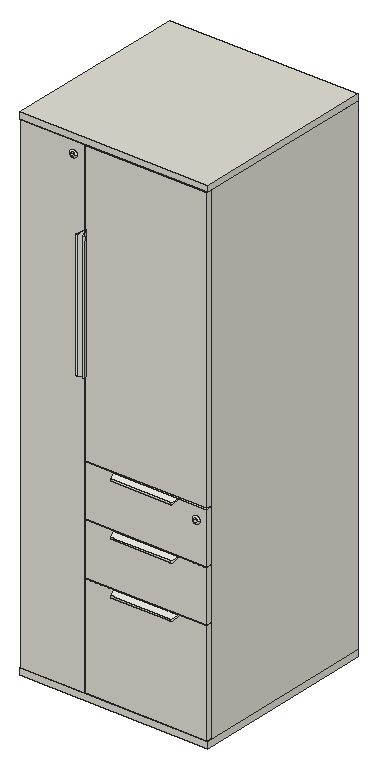
Revit family "Haworth_BeHold_PersonalStorageTower_HingedBookcase_24Wide", category Furniture Systems, Revit 2018
Family settings
  Round Connector Dimension = Use Diameter
  Part Type = Normal
  OmniClass Number = 23.40.70.14.64.21
  OmniClass Title = Systems Furniture
  Work Plane-Based = No
  Always vertical = Yes
  Cut with Voids When Loaded = No
  Shared = No
  Room Calculation Point = No
Parameters (values of type "B/B/F - 24d 65h - Inset Back")
  With Lock = yes
  Wing Drawer Pull Length = if(Drawer Width < 15 1/2", 6 1/2", if(Drawer Width < 24", 8 5/16", if(Drawer Width < 36", 13 1/8", 16 3/4")))  # 8 5/16"
  Wing Pull = yes
  Wing Door Pull Length = if(Actual Height < 49", 6 1/2", if(Actual Height < 57", 8 5/16", if(Actual Height < 65", 13 1/8", 16 3/4")))  # 16 3/4"
  Warranty = "http://www.haworth.com/resources/product-info/warranties"
  Valet Door Wing Pull Length = if(Actual Height < 49", 6 1/2", if(Actual Height < 57", 8 5/16", if(Actual Height < 65", 13 1/8", 16 3/4")))  # 16 3/4"
  Valet Door Width = Actual Width - Bookcase Width - 1/8"  # 8 15/64"
  Valet Door Pull Offset = if(Actual Height < 49", Storage Height - Bottom Drawer Offset + ((Actual Height - Storage Height - Top Thickness - 1/8") / 2) - (0.05 * (Actual Height - Storage Height - Top Thickness - 1/8")), Storage Height - Bottom Drawer Offset + ((Actual Height - Storage Height - Top Thickness - 1/8") / 2))  # 44 11/16"
  Valet Door Height = Actual Height - Bottom Drawer Offset - Case Thickness - 1/8"  # 62 3/4"
  URL - Product = "https://www.haworth.com/na/en/products/active-storage/be-hold.html"
  URL = "www.haworth.com"
  Trim Finish [instance] = Haworth _ Paint _ Smooth Plaster
  Total Drawer Height = Storage Height - Bottom Case Offset - Case Thickness - 1/4"  # 26 1/2"
  Top Thickness = 3/4"  # constant formula
  Top Drawer Height = if(Box Box File, Middle Drawer Height, Bottom Drawer Height)  # 6 9/16"
  Top Case Back Control = if(Proud Style, 0", 3/16")  # 3/16"
  Sustainability Info = "https://www.haworth.com/company-info/sustainability"
  Storage Height = 28"  # constant formula
  Standard Heights = "41, 49, 57, 65 in."  # constant formula
  Size = "Verify Final Dim. w/ Haworth"  # constant formula
  Side Case Back Control = if(Proud Style, Case Thickness, 0")  # 0"
  Shelf 2 Offset = if(Actual Height = 65", 49", if(Actual Height = 57", 41", 32 5/16"))  # 49"
  Shelf 2 Control = Actual Height > 41"  # yes
  Shelf 1 Offset = Storage Height - Bottom Case Offset - Case Thickness  # 26 3/4"
  Right Panel Finish [instance] = Haworth _ Laminate _ Beige H-34
  Right Panel Edge Finish [instance] = Haworth _ Laminate _ Beige H-34
  Revision Number = "1"  # constant formula
  Left Panel Edge Finish [instance] = Haworth _ Laminate _ Beige H-34
  Bookcase Door Pull Offset = if(Bookcase Door Height < 20", (Bookcase Door Height / 2) - (0.05 * Bookcase Door Height), Bookcase Door Height / 2)  # 18 1/16"
  Pull Finish [instance] = Haworth _ Paint _ Smooth Plaster
  Proud Style = not(Inset Style)  # no
  Model = "Haworth Be_Hold"  # constant formula
  Min. Width = 15"  # constant formula
  Min. Height = 41"  # constant formula
  Min. Depth = 18"  # constant formula
  Middle Drawer Height = (Total Drawer Height - Distance Between Drawer) / 4  # 6 9/16"
  Left Panel Finish [instance] = Haworth _ Laminate _ Beige H-34
  Height = 65"
  File File = no
  Bookcase Door Height = Actual Height - Storage Height - Case Thickness - 1/8"  # 36 1/8"
  Door Finish [instance] = Haworth _ Laminate _ Beige H-34
  Bottom Drawer Offset = Bottom Case Offset + Case Thickness + 1/8"  # 1 3/8"
  Bottom Drawer Height = (Total Drawer Height - Distance Between Drawer) / 2  # 13 1/8"
  Bookcase Width = 15 41/64"  # constant formula
  Back Case Back Control = if(Proud Style, 0", 3/16")  # 3/16"
  Actual Height = if(Height > Max. Height, Max. Height, if(Height < Min. Height, Min. Height, Height))  # 65"
  3 Drawer Control = Box Box File  # yes
  Max. Width = 15"  # constant formula
  Max. Depth = 24"  # constant formula
  Max. Height = 65"  # constant formula
  Manufacturer = "Haworth"  # constant formula
  Linear Pull Length = 7 1/2"  # constant formula
  Linear Pull = no
  Inset Style = yes
  Glide Finish = Haworth _ Polymer _ Slate
  Front Finish [instance] = Haworth _ Laminate _ Beige H-34
  Front Edge Finish [instance] = Haworth _ Laminate _ Beige H-34
  Drawer Width = Bookcase Width - 1/8"  # 15 33/64"
  Distance Between Drawer = if(Box Box File, 1/4", 1/8")  # 1/4"
  Description = "Haworth - Be_Hold - Personal Storage Tower - Hinged Door"  # constant formula
  Depth = 24"
  Custom Size = not(and(or(Depth = 18", Depth = 24"), or(Height = 41", Height = 49", Height = 57", Height = 65")))  # no
  Cresent Pull = no
  Classic Pull Length = 7 1/2"  # constant formula
  Classic Pull = no
  Case Thickness = 3/4"  # constant formula
  Case Finish [instance] = Haworth _ Laminate _ Beige H-34
  Case Edge Finish [instance] = Haworth _ Laminate _ Beige H-34
  Box Box File = not(File File)  # yes
  Bottom Case Offset = 1/2"  # constant formula
  Blade Pull Length = Drawer Width - 1/16"  # 15 29/64"
  Blade Pull = not(or(Cresent Pull, Linear Pull, Classic Pull, Wing Pull))  # no
  Back Case Side Control = if(Proud Style, 0", Case Thickness)  # 3/4"
  Author = "Haworth (Alias)"  # constant formula
  Assembly Code = "E2020200"
  Actual Width = 24"  # constant formula
  Actual Depth = if(Depth > Max. Depth, Max. Depth, if(Depth < Min. Depth, Min. Depth, Depth))  # 24"
  Standard Depths = "18, 24 in."  # constant formula
Types (8): name | Wing Door Pull Length | Valet Door Wing Pull Length | Valet Door Pull Offset | Valet Door Height | Top Drawer Height | Top Case Back Control | Side Case Back Control | Shelf 2 Offset | Shelf 2 Control | Bookcase Door Pull Offset | Proud Style | Middle Drawer Height | Height | File File | Bookcase Door Height | Bottom Drawer Height | Back Case Back Control | Actual Height | 3 Drawer Control | Inset Style | Distance Between Drawer | Depth | Box Box File | Back Case Side Control | Actual Depth
  B/B/F - 24d 65h - Inset Back | 16 3/4" | 16 3/4" | 44 11/16" | 62 3/4" | 6 9/16" | 3/16" | 0" | 49" | yes | 18 1/16" | no | 6 9/16" | 65" | no | 36 1/8" | 13 1/8" | 3/16" | 65" | yes | yes | 1/4" | 24" | yes | 3/4" | 24"
  B/B/F - 24d 57h - Inset Back | 13 1/8" | 13 1/8" | 40 11/16" | 54 3/4" | 6 9/16" | 3/16" | 0" | 41" | yes | 14 1/16" | no | 6 9/16" | 57" | no | 28 1/8" | 13 1/8" | 3/16" | 57" | yes | yes | 1/4" | 24" | yes | 3/4" | 24"
  B/B/F - 18d 49h - Inset Back | 8 5/16" | 8 5/16" | 36 11/16" | 46 3/4" | 6 9/16" | 3/16" | 0" | 32 5/16" | yes | 10 1/16" | no | 6 9/16" | 49" | no | 20 1/8" | 13 1/8" | 3/16" | 49" | yes | yes | 1/4" | 18" | yes | 3/4" | 18"
  B/B/F - 18d 41h - Inset Back | 8 5/16" | 8 5/16" | 36 11/16" | 46 3/4" | 6 9/16" | 3/16" | 0" | 32 5/16" | yes | 10 1/16" | no | 6 9/16" | 49" | no | 20 1/8" | 13 1/8" | 3/16" | 49" | yes | yes | 1/4" | 18" | yes | 3/4" | 18"
  F/F - 18d 49h - Proud Back | 8 5/16" | 8 5/16" | 36 11/16" | 46 3/4" | 13 3/16" | 0" | 3/4" | 32 5/16" | yes | 10 1/16" | yes | 6 19/32" | 49" | yes | 20 1/8" | 13 3/16" | 0" | 49" | no | no | 1/8" | 18" | no | 0" | 18"
  F/F - 18d 41h - Proud Back | 6 1/2" | 6 1/2" | 32.08125" | 38 3/4" | 13 3/16" | 0" | 3/4" | 32 5/16" | no | 5.45625" | yes | 6 19/32" | 41" | yes | 12 1/8" | 13 3/16" | 0" | 41" | no | no | 1/8" | 18" | no | 0" | 18"
  F/F - 24d 57h - Proud Back | 13 1/8" | 13 1/8" | 40 11/16" | 54 3/4" | 13 3/16" | 0" | 3/4" | 41" | yes | 14 1/16" | yes | 6 19/32" | 57" | yes | 28 1/8" | 13 3/16" | 0" | 57" | no | no | 1/8" | 24" | no | 0" | 24"
  F/F - 24d 65h - Proud Back | 16 3/4" | 16 3/4" | 44 11/16" | 62 3/4" | 13 3/16" | 0" | 3/4" | 49" | yes | 18 1/16" | yes | 6 19/32" | 65" | yes | 36 1/8" | 13 3/16" | 0" | 65" | no | no | 1/8" | 24" | no | 0" | 24"
Reference planes (in)
  plane 1: z = 0
  plane 2 "Bookcase Center L/R": x = -6.17556
  plane 3 "Center F/B": y = -14.5
  plane 4 "Top": z = 65
  plane 5 "Back": y = -2.5
  plane 6 "Front": y = -26.5
  plane 7 "Bookcase Left": x = -13.99587
  plane 8 "BookCase Inside Left": x = -13.24587
  plane 9 "Case Inside Right": x = 0.89476
  plane 10 "Case Inside Back": y = -3.25
  plane 11 "Case Bottom": z = 0.5
  plane 12 "Case Inside Front": y = -25.75
  plane 13 "Inside Case Bottom": z = 1.25
  plane 14 "Inside Case Top": z = 64.25
  plane 15 "Top of Top Drawer": z = 27.875
  plane 16 "Bottom of Bottom Drawer": z = 1.375
  plane 17 "Right": x = 1.64476
  plane 18 "Top of Storage": z = 28
  plane 19 "Shelf 1 Top": z = 28
  plane 20 "Shelf 1 Bottom": z = 27.25
  plane 21 "Shelf 2 Top": z = 50.25
  plane 22 "Shelf 2 Bottom": z = 49.5
  plane 23 "Left": x = -22.35524
  plane 24 "Case Inside Left": x = -21.60524
  plane 25 "Valet Center L/R": x = -18.17556
  plane 26 "Center L/R": x = -10.35524
Forms (in)
  Sweep 1, solid, material "Haworth _ Polymer _ Slate" <- "Glide Finish"
    path origin (-21.60524, 0, 0) x (0, 1, 0) y (0, 0, 1)
      loop
        line (-25.75, 0.5) -> (-25.75, 0)
    profile origin (-21.60524, -25.75, 0.25) x (1, 0, 0) y (0, 1, 0)
      loop
        line (0, 2.00197) -> (0, 0.25)
        arc (0, 0.25) -> (0.07322, 0.07322) -> (0.25, 0) r 0.25
        line (0.25, 0) -> (2.00197, 0)
        arc (2.00197, 0) -> (2.17875, 0.07322) -> (2.25197, 0.25) r 0.25
        line (2.25197, 0.25) -> (2.25197, 0.70079) -> (0.70079, 2.25197) -> (0.25, 2.25197)
        arc (0.25, 2.25197) -> (0.07322, 2.17875) -> (0, 2.00197) r 0.25
  Sweep 2, solid, material "Haworth _ Polymer _ Slate" <- "Glide Finish"
    path origin (-21.60524, 0, 0) x (0, 1, 0) y (0, 0, 1)
      loop
        line (-3.25, 0.5) -> (-3.25, 0)
    profile origin (-21.60524, -3.25, 0.25) x (1, 0, 0) y (0, 1, 0)
      loop
        arc (0, -2.00197) -> (0.07322, -2.17875) -> (0.25, -2.25197) r 0.25
        line (0.25, -2.25197) -> (0.70079, -2.25197) -> (2.25197, -0.70079) -> (2.25197, -0.25)
        arc (2.25197, -0.25) -> (2.17875, -0.07322) -> (2.00197, 0) r 0.25
        line (2.00197, 0) -> (0.25, 0)
        arc (0.25, 0) -> (0.07322, -0.07322) -> (0, -0.25) r 0.25
        line (0, -0.25) -> (0, -2.00197)
  Sweep 3, solid, material "Haworth _ Polymer _ Slate" <- "Glide Finish"
    path origin (0.89476, 0, 0) x (0, -1, 0) y (0, 0, 1)
      loop
        line (25.75, 0.5) -> (25.75, 0)
    profile origin (0.89476, -25.75, 0.25) x (-1, 0, 0) y (0, -1, 0)
      loop
        arc (0, -2.00197) -> (0.07322, -2.17875) -> (0.25, -2.25197) r 0.25
        line (0.25, -2.25197) -> (0.70079, -2.25197) -> (2.25197, -0.70079) -> (2.25197, -0.25)
        arc (2.25197, -0.25) -> (2.17875, -0.07322) -> (2.00197, 0) r 0.25
        line (2.00197, 0) -> (0.25, 0)
        arc (0.25, 0) -> (0.07322, -0.07322) -> (0, -0.25) r 0.25
        line (0, -0.25) -> (0, -2.00197)
  Sweep 4, solid, material "Haworth _ Polymer _ Slate" <- "Glide Finish"
    path origin (0.89476, 0, 0) x (0, -1, 0) y (0, 0, 1)
      loop
        line (3.25, 0.5) -> (3.25, 0)
    profile origin (0.89476, -3.25, 0.25) x (-1, 0, 0) y (0, -1, 0)
      loop
        line (0, 2.00197) -> (0, 0.25)
        arc (0, 0.25) -> (0.07322, 0.07322) -> (0.25, 0) r 0.25
        line (0.25, 0) -> (2.00197, 0)
        arc (2.00197, 0) -> (2.17875, 0.07322) -> (2.25197, 0.25) r 0.25
        line (2.25197, 0.25) -> (2.25197, 0.70079) -> (0.70079, 2.25197) -> (0.25, 2.25197)
        arc (0.25, 2.25197) -> (0.07322, 2.17875) -> (0, 2.00197) r 0.25
  Extrusion 5, solid, material "Haworth _ Laminate _ Beige H-34" <- "Case Finish"
    sketch origin (0, 0, 0) x (1, 0, 0) y (0, 1, 0)
      loop
        line (-22.35524, -2.5) -> (-22.35524, -26.5) -> (1.64476, -26.5) -> (1.64476, -2.5) -> (-22.35524, -2.5)
    from 0.5 to 1.25
  Sweep 6, solid, material "Haworth _ Laminate _ Beige H-34" <- "Case Finish"
    path origin (0, 0, 0.5) x (0, -1, 0) y (1, 0, 0)
      loop
        line (26.5, -13.99587) -> (26.5, -13.24587)
    profile origin (-13.62087, -26.5, 0.5) x (0, 1, 0) y (0, 0, 1)
      loop
        line (0.75, 63.75) -> (0.75, 0.75) -> (23.0625, 0.75) -> (23.0625, 63.75) -> (0.75, 63.75)
  Sweep 7, solid, material "Haworth _ Laminate _ Beige H-34" <- "Right Panel Finish"
    path origin (-12.35111, 0, 0.5) x (0, -1, 0) y (-1, 0, 0)
      loop
        line (26.5, -13.99587) -> (26.5, -13.24587)
    profile origin (1.26976, -26.5, 0.5) x (0, -1, 0) y (0, 0, 1)
      loop
        line (-0.75, 63.75) -> (-24, 63.75) -> (-24, 0.75) -> (-0.75, 0.75) -> (-0.75, 63.75)
  Sweep 8, solid, material "Haworth _ Laminate _ Beige H-34" <- "Case Finish"
    path origin (0, 0, 0.5) x (0, -1, 0) y (1, 0, 0)
      loop
        line (3.4375, -10.35524) -> (2.6875, -10.35524)
    profile origin (-10.35524, -3.0625, 0.5) x (-1, 0, 0) y (0, 0, 1)
      loop
        line (-11.25, 0.75) -> (11.25, 0.75) -> (11.25, 63.75) -> (-11.25, 63.75) -> (-11.25, 0.75)
  Extrusion 9, solid, material "Haworth _ Laminate _ Beige H-34" <- "Case Finish"
    sketch origin (0, 0, 0.5) x (0, -1, 0) y (1, 0, 0)
      loop
        line (2.5, -22.35524) -> (26.5, -22.35524) -> (26.5, 1.64476) -> (2.5, 1.64476) -> (2.5, -22.35524)
    from 63.75 to 64.5
  Extrusion 10, solid, material "Haworth _ Laminate _ Beige H-34" <- "Case Finish"
    sketch origin (0, 0, 0) x (1, 0, 0) y (0, 1, 0)
      loop
        line (-13.24587, -3.4375) -> (-13.24587, -25.75) -> (0.89476, -25.75) -> (0.89476, -3.4375) -> (-13.24587, -3.4375)
    from 27.25 to 28
  Extrusion 11, solid, material "Haworth _ Laminate _ Beige H-34" <- "Case Finish", visible <- "Shelf 2 Control"
    sketch origin (0, 0, 0) x (1, 0, 0) y (0, 1, 0)
      loop
        line (-13.24587, -3.4375) -> (-13.24587, -25.75) -> (0.89476, -25.75) -> (0.89476, -3.4375) -> (-13.24587, -3.4375)
    from 49.5 to 50.25
  Sweep 12, solid, material "Haworth _ Laminate _ Beige H-34" <- "Left Panel Finish"
    path origin (-35.60111, 0, 0.5) x (0, -1, 0) y (-1, 0, 0)
      loop
        line (26.5, -13.99587) -> (26.5, -13.24587)
    profile origin (-21.98024, -26.5, 0.5) x (0, -1, 0) y (0, 0, 1)
      loop
        line (-0.75, 63.75) -> (-24, 63.75) -> (-24, 0.75) -> (-0.75, 0.75) -> (-0.75, 63.75)
Lines and regions (in)
  Masking region 1
    outline origin (0, 0, 64.25) x (0, -1, 0) y (1, 0, 0)
      loop
        line (2.5, -22.35524) -> (26.5, -22.35524) -> (26.5, 1.64476) -> (2.5, 1.64476) -> (2.5, -22.35524)
  symbolic lines, style "FurnitureSystemsHiddenLines", detail levels medium+fine
    curve 1: line (-22.35524, -25.75, 64.25) -> (1.64476, -25.75, 64.25)
Dimensions and locks (in)
  equal spacing: plane 5 "Back", plane 3 "Center F/B", plane 6 "Front"
  "Actual Depth": plane 5 "Back" to plane 6 "Front"
  "Case Thickness": plane 8 "BookCase Inside Left" to plane 7 "Bookcase Left"
  "Bottom Case Offset": plane 11 "Case Bottom" to plane 1
  "Case Thickness": plane 10 "Case Inside Back" to plane 5 "Back"
  "Case Thickness": plane 6 "Front" to plane 12 "Case Inside Front"
  locked: Sweep 1 sketch curve to plane 11 "Case Bottom" at 0.5
  locked: Sweep 2 sketch curve to plane 11 "Case Bottom" at 0.5
  locked: Sweep 4 sketch curve to plane 11 "Case Bottom" at 0.5
  locked: Sweep 3 sketch curve to plane 11 "Case Bottom" at 0.5
  "Case Thickness": plane 13 "Inside Case Bottom" to plane 11 "Case Bottom"
  "Top Thickness": plane 4 "Top" to plane 14 "Inside Case Top"
  "Side Case Back Control": Sweep 7 sketch curve to plane 5 "Back"
  locked: plane 16 "Bottom of Bottom Drawer" to plane 13 "Inside Case Bottom" at 0.125
  locked: nested 2 to nested 1 at 0.125
  "Case Thickness": Sweep 8 sketch curve to Sweep 8 sketch curve
  "Back Case Back Control": plane 5 "Back" to Sweep 8 sketch curve
  equal spacing: plane 7 "Bookcase Left", plane 2 "Bookcase Center L/R", plane 17 "Right"
  "Bookcase Width": plane 7 "Bookcase Left" to plane 17 "Right"
  "Case Thickness": plane 9 "Case Inside Right" to plane 17 "Right"
  locked: plane 18 "Top of Storage" to plane 15 "Top of Top Drawer" at 0.125
  "Storage Height": plane 18 "Top of Storage" to plane 1
  "Actual Height": plane 4 "Top" to plane 1
  "Back Case Side Control": Sweep 8 sketch curve to plane 17 "Right"
  "Case Thickness": plane 22 "Shelf 2 Bottom" to plane 21 "Shelf 2 Top"
  "Case Thickness": plane 20 "Shelf 1 Bottom" to plane 19 "Shelf 1 Top"
  "Shelf 2 Offset": plane 21 "Shelf 2 Top" to plane 13 "Inside Case Bottom"
  "Shelf 1 Offset": plane 19 "Shelf 1 Top" to plane 13 "Inside Case Bottom"
  "Top Case Back Control": Extrusion 10 sketch curve to plane 10 "Case Inside Back"
  "Top Case Back Control": Extrusion 11 sketch curve to plane 10 "Case Inside Back"
  "Actual Width": plane 23 "Left" to plane 17 "Right"
  equal spacing: plane 23 "Left", plane 26 "Center L/R", plane 17 "Right"
  equal spacing: plane 23 "Left", plane 25 "Valet Center L/R", plane 7 "Bookcase Left"
  "Case Thickness": plane 24 "Case Inside Left" to plane 23 "Left"
  "Back Case Back Control": Sweep 6 sketch curve to plane 10 "Case Inside Back"
  "Back Case Side Control": plane 23 "Left" to Sweep 8 sketch curve
  "Side Case Back Control": Sweep 12 sketch curve to plane 5 "Back"
  aligned and locked: Sweep 1 sketch curve to plane 12 "Case Inside Front"
  aligned and locked: plane 11 "Case Bottom" to Sweep 1 sketch curve
  aligned and locked: plane 10 "Case Inside Back" to Sweep 2 sketch curve
  aligned and locked: plane 11 "Case Bottom" to Sweep 2 sketch curve
  aligned and locked: plane 10 "Case Inside Back" to Sweep 4 sketch curve
  aligned and locked: plane 11 "Case Bottom" to Sweep 4 sketch curve
  aligned and locked: Sweep 3 sketch curve to plane 12 "Case Inside Front"
  aligned and locked: plane 11 "Case Bottom" to Sweep 3 sketch curve
  aligned and locked: Extrusion 5 sketch curve to plane 5 "Back"
  aligned and locked: plane 6 "Front" to Extrusion 5 sketch curve
  aligned and locked: plane 11 "Case Bottom" to Extrusion 5
  aligned and locked: plane 13 "Inside Case Bottom" to Extrusion 5
  aligned and locked: plane 7 "Bookcase Left" to Sweep 6 sketch curve
  aligned and locked: plane 8 "BookCase Inside Left" to Sweep 6 sketch curve
  aligned and locked: Sweep 6 sketch curve to plane 6 "Front"
  aligned and locked: plane 13 "Inside Case Bottom" to Sweep 6 sketch curve
  aligned and locked: plane 6 "Front" to Sweep 7 sketch curve
  aligned and locked: plane 9 "Case Inside Right" to Sweep 7 sketch curve
  aligned and locked: plane 13 "Inside Case Bottom" to Sweep 7 sketch curve
  aligned and locked: Sweep 8 sketch curve to plane 13 "Inside Case Bottom"
  aligned and locked: plane 4 "Top" to Extrusion 9
  aligned and locked: plane 14 "Inside Case Top" to Extrusion 9
  aligned and locked: Masking region 1 sketch curve to plane 5 "Back"
  aligned and locked: plane 6 "Front" to Masking region 1 sketch curve
  aligned and locked: curve 1 to plane 12 "Case Inside Front"
  aligned and locked: plane 12 "Case Inside Front" to Sweep 7 sketch curve
  aligned and locked: plane 12 "Case Inside Front" to Sweep 6 sketch curve
  aligned and locked: nested 3 to plane 15 "Top of Top Drawer"
  aligned and locked: plane 6 "Front" to nested 1
  aligned and locked: plane 6 "Front" to nested 2
  aligned and locked: plane 6 "Front" to nested 3
  aligned and locked: plane 2 "Bookcase Center L/R" to nested 3
  aligned and locked: plane 2 "Bookcase Center L/R" to nested 2
  aligned and locked: plane 2 "Bookcase Center L/R" to nested 1
  aligned and locked: plane 17 "Right" to Sweep 7 sketch curve
  aligned and locked: plane 14 "Inside Case Top" to Sweep 7 sketch curve
  aligned and locked: plane 14 "Inside Case Top" to Sweep 6 sketch curve
  aligned and locked: plane 6 "Front" to Extrusion 9 sketch curve
  aligned and locked: plane 17 "Right" to Extrusion 9 sketch curve
  aligned and locked: Extrusion 9 sketch curve to plane 5 "Back"
  aligned and locked: plane 14 "Inside Case Top" to Sweep 8 sketch curve
  aligned and locked: plane 9 "Case Inside Right" to Extrusion 10 sketch curve
  aligned and locked: plane 12 "Case Inside Front" to Extrusion 10 sketch curve
  aligned and locked: plane 8 "BookCase Inside Left" to Extrusion 10 sketch curve
  aligned and locked: plane 20 "Shelf 1 Bottom" to Extrusion 10
  aligned and locked: plane 19 "Shelf 1 Top" to Extrusion 10
  aligned and locked: plane 9 "Case Inside Right" to Extrusion 11 sketch curve
  aligned and locked: plane 8 "BookCase Inside Left" to Extrusion 11 sketch curve
  aligned and locked: plane 12 "Case Inside Front" to Extrusion 11 sketch curve
  aligned and locked: plane 21 "Shelf 2 Top" to Extrusion 11
  aligned and locked: plane 22 "Shelf 2 Bottom" to Extrusion 11
  aligned and locked: plane 18 "Top of Storage" to nested 4
  aligned and locked: plane 6 "Front" to nested 4
  aligned and locked: plane 2 "Bookcase Center L/R" to nested 4
  aligned and locked: plane 17 "Right" to Extrusion 5 sketch curve
  aligned and locked: plane 17 "Right" to Masking region 1 sketch curve
  aligned and locked: Extrusion 9 sketch curve to plane 23 "Left"
  aligned and locked: Extrusion 5 sketch curve to plane 23 "Left"
  aligned and locked: plane 26 "Center L/R" to Sweep 8 sketch curve
  aligned and locked: plane 6 "Front" to Sweep 12 sketch curve
  aligned and locked: plane 24 "Case Inside Left" to Sweep 12 sketch curve
  aligned and locked: plane 23 "Left" to Sweep 12 sketch curve
  aligned and locked: plane 14 "Inside Case Top" to Sweep 12 sketch curve
  aligned and locked: plane 12 "Case Inside Front" to Sweep 12 sketch curve
  aligned and locked: plane 13 "Inside Case Bottom" to Sweep 12 sketch curve
  aligned and locked: nested 5 to plane 6 "Front"
  aligned and locked: nested 5 to plane 16 "Bottom of Bottom Drawer"
  aligned and locked: plane 25 "Valet Center L/R" to nested 5
  aligned and locked: Masking region 1 sketch curve to plane 23 "Left"
Automatic sketch dimensions
  Sweep 1 sketch curve to profile plane = 0"
  profile plane to Sweep 1 sketch curve = 0"
  Sweep 1 sketch curve to Sweep 1 sketch curve = 1/4"
  Sweep 1 sketch curve to profile plane = 1/4"  (x2)
  Sweep 1 sketch curve to Sweep 1 sketch curve = 0.45079"  (x2)
  Sweep 1 sketch curve to Sweep 1 sketch curve = 1.75197"  (x2)
  Sweep 2 sketch curve to profile plane = 0"
  profile plane to Sweep 2 sketch curve = 0"
  Sweep 2 sketch curve to Sweep 2 sketch curve = 1/4"
  profile plane to Sweep 2 sketch curve = 1/4"  (x2)
  Sweep 2 sketch curve to Sweep 2 sketch curve = 0.45079"  (x2)
  Sweep 2 sketch curve to Sweep 2 sketch curve = 1.75197"  (x2)
  Sweep 3 sketch curve to plane 9 "Case Inside Right" = 0"
  Sweep 3 sketch curve to profile plane = 0"
  plane 9 "Case Inside Right" to Sweep 3 sketch curve = 1/4"  (x2)
  Sweep 3 sketch curve to Sweep 3 sketch curve = 0.45079"  (x2)
  profile plane to Sweep 3 sketch curve = 1/4"
  Sweep 3 sketch curve to Sweep 3 sketch curve = 1.75197"  (x2)
  Sweep 4 sketch curve to plane 9 "Case Inside Right" = 0"
  Sweep 4 sketch curve to profile plane = 0"
  plane 9 "Case Inside Right" to Sweep 4 sketch curve = 1/4"  (x2)
  Sweep 4 sketch curve to Sweep 4 sketch curve = 0.45079"  (x2)
  Sweep 4 sketch curve to profile plane = 1/4"
  Sweep 4 sketch curve to Sweep 4 sketch curve = 1.75197"  (x2)
  curve 1 to plane 23 "Left" = 0"
  curve 1 to plane 17 "Right" = 0"
Nested families (in)
  nested 1: "Haworth_BeHold_Drawer_PART" at (-6.17556, -25.36287, 1.375), Drawer Height <- "Bottom Drawer Height", built-in parameter 1001364 <- "Bottom Drawer Offset", type "Haworth_Drawer - Without Lock"
    with Pull Height 13 1/8", Drawer Height 13 1/8", With Lock no, Wing Pull Length 8 5/16", Drawer Width 15 33/64", Classic Pull Length 7 1/2", Blade Pull Length 15 29/64", Linear Pull Length 7 1/2"
  nested 2: "Haworth_BeHold_Drawer_PART" at (-6.17556, -25.36287, 14.625), Drawer Height <- "Middle Drawer Height", visible <- "3 Drawer Control", type "Haworth_Drawer - Without Lock"
    with Pull Height 6 9/16", Drawer Height 6 9/16", With Lock no, Wing Pull Length 8 5/16", Drawer Width 15 33/64", Classic Pull Length 7 1/2", Blade Pull Length 15 29/64", Linear Pull Length 7 1/2"
  nested 3: "Haworth_BeHold_Drawer_PART" at (-6.17556, -25.36287, 21.3125), Drawer Height <- "Top Drawer Height", type "Haworth_Drawer"
    with Pull Height 6 9/16", Drawer Height 6 9/16", Wing Pull Length 8 5/16", Drawer Width 15 33/64", Classic Pull Length 7 1/2", Blade Pull Length 15 29/64", Linear Pull Length 7 1/2"
  nested 4: "Haworth_BeHold_Door_Hinged_PART" at (-7.35576, -26.09476, 28), type "Door"
    with With Lock no, Wing Pull Length 16 3/4", Linear Pull Length 7 1/2", Classic Pull Length 7 1/2", Pull Height Centerline 18 1/16", Door Width 15 33/64", Door Height 36 1/8"
  nested 5: "Haworth_BeHold_Door_Hinged_PART" at (-16.99535, -26.09476, 1.375) x (-1, 0, 0) z (0, 0, 1), With Lock <- "With Lock", type "Valet Door"
    with With Lock yes, Wing Pull Length 16 3/4", Linear Pull Length 7 1/2", Classic Pull Length 7 1/2", Pull Height Centerline 44 11/16", Door Width 8 15/64", Door Height 62 3/4"
Definition of nested family "Haworth_BeHold_Drawer_PART"
  Parameters (values of type "Haworth_Drawer")
    With Lock = yes
    Wing Pull Length = 6 1/2"
    Wing Pull = yes
    Warranty = "http://www.haworth.com/resources/product-info/warranties"
    URL - Product = ""
    URL = "www.haworth.com"
    Trim Finish = none
    Revision Number = "1"  # constant formula
    Pull Height [instance] = if(or(Wing Pull, Blade Pull), Drawer Height, Drawer Height - 1 21/32")  # 12"
    Pull Finish = none
    Note = "Verify Final Dim. w/ Haworth"  # constant formula
    Model = "Haworth Be_Hold"  # constant formula
    Manufacturer = "Haworth"  # constant formula
    Lock Offset Top = 1 21/32"  # constant formula
    Lock Offset Side = 1 3/8"  # constant formula
    Linear Pull = no
    Front Finish = none
    Front Edge Finish = none
    Drawer Width = 15 1/2"
    Drawer Height [instance] = 12"
    Description = "Haworth - Be_Hold - Drawer"
    Cresent Pull = no
    Classic Pull Length = 6 3/4"
    Classic Pull = no
    Blade Pull Length = 15 7/16"
    Blade Pull = no
    Linear Pull Length = 8"
    Author = "Haworth (Alias)"  # constant formula
    Assembly Code = ""
  Reference planes (in)
    plane 1 "Drawer Back": y = -0.26213
    plane 2: z = 0
    plane 3 "Center L/R": x = 0
    plane 4 "Drawer Front": y = -1.13713
    plane 5 "Left": x = -7.75
    plane 6 "Right": x = 7.75
    plane 7 "Top": z = 12
    plane 8 "Hardware Start": y = -0.38713
    plane 9 "Lock Side": x = 6.375
    plane 10 "Lock Horizontal": z = 10.34375
  Forms (in)
    Extrusion 1, solid, material <- "Front Finish"
      sketch origin (0, -1.13713, 0) x (-1, 0, 0) y (0, 0, 1)
        loop
          line (-7.75, 12) -> (-7.75, 0) -> (7.75, 0) -> (7.75, 12) -> (-7.75, 12)
      from 0 to 0.75
    Revolve 2, solid, material <- "Trim Finish", visible <- "With Lock"
      sketch origin (0, 0, 10.34375) x (-1, 0, 0) y (0, -1, 0)
        loop
          line (-6.375, 1.13713) -> (-6.375, 1.2621) -> (-6.68756, 1.2621)
          arc (-6.68756, 1.2621) -> (-6.77593, 1.2255) -> (-6.81253, 1.13713) r 0.12497
          line (-6.81253, 1.13713) -> (-6.375, 1.13713)
        axis (-6.375, 1.13713) -> (-6.375, 1.2621)
      angle from 0 to 360
  Lines and regions (in)
    Masking region 1
      outline origin (0, 0, 10.34375) x (-1, 0, 0) y (0, -1, 0)
        loop
          line (7.75, 0.38713) -> (7.75, 1.13713) -> (-7.75, 1.13713) -> (-7.75, 0.38713) -> (7.75, 0.38713)
  Dimensions and locks (in)
    equal spacing: plane 5 "Left", plane 3 "Center L/R", plane 6 "Right"
    "Drawer Width": plane 5 "Left" to plane 6 "Right"
    "Drawer Height": plane 7 "Top" to level
    locked: plane 1 "Drawer Back" to plane 8 "Hardware Start" at 0.125
    plane 4 "Drawer Front" to plane 1 "Drawer Back" = 7/8"
    plane 4 "Drawer Front" to plane 8 "Hardware Start" = 3/4"
    "Lock Offset Side": plane 9 "Lock Side" to plane 6 "Right"
    "Lock Offset Top": plane 7 "Top" to plane 10 "Lock Horizontal"
    locked: Revolve 2 sketch curve to plane 4 "Drawer Front" at 0.12497
    locked: plane 9 "Lock Side" to Revolve 2 sketch curve at 0.43753
    aligned and locked: Extrusion 1 sketch curve to plane 6 "Right"
    aligned and locked: plane 7 "Top" to Extrusion 1 sketch curve
    aligned and locked: Extrusion 1 sketch curve to plane 5 "Left"
    aligned and locked: Extrusion 1 sketch curve to plane 2
    aligned and locked: Extrusion 1 to plane 8 "Hardware Start"
    aligned and locked: Extrusion 1 to plane 4 "Drawer Front"
    aligned and locked: plane 9 "Lock Side" to Revolve 2 sketch curve  (x2)
    aligned and locked: Revolve 2 sketch curve to plane 4 "Drawer Front"
    aligned and locked: plane 3 "Center L/R" to nested 1
    aligned and locked: nested 1 to plane 4 "Drawer Front"
    aligned and locked: plane 6 "Right" to Masking region 1 sketch curve
    aligned and locked: plane 8 "Hardware Start" to Masking region 1 sketch curve
    aligned and locked: plane 4 "Drawer Front" to Masking region 1 sketch curve
    aligned and locked: plane 5 "Left" to Masking region 1 sketch curve
  Automatic sketch dimensions
    plane 8 "Hardware Start" to Revolve 2 sketch curve = 0.19925"
    Revolve 2 sketch curve to Revolve 2 sketch curve = 0.41501"
  Nested families (in)
    nested 1: "Haworth_Drawer-Pulls_PART" at (0, -1.13713, 12), built-in parameter 1001364 <- "Pull Height", type "Pull"
      with Wing yes, Linear no
  Definition of nested family "Haworth_Drawer-Pulls_PART"
    Parameters (values of type "Pull")
      Wing Pull Length = 6 1/2"
      Wing = no
      Warranty = "https://www.haworth.com/resources/product-info/warranties"
      URL = "https://www.haworth.com"
      Trim Finish = none
      Revision Number = "1"  # constant formula
      Model = "Haworth Be_Hold"  # constant formula
      Manufacturer = "Haworth"  # constant formula
      Linear Pull Length = 8"
      Linear = yes
      Description = "Haworth - Be_Hold - Pull Part"
      Cresent = no
      Classic Pull Length = 6 3/4"
      Classic = no
      Blade Pull Length = 15 7/16"
      Blade = no
      Author = "Haworth (Alias)"  # constant formula
      Assembly Code = ""
    Reference planes (in)
      plane 1 "Center Front/Back": y = 0
      plane 2: z = 0
      plane 3 "Center Left/Right": x = 0
      plane 4 "Classic Left": x = -3.375
      plane 5 "Classic Right": x = 3.375
      plane 6 "Linear Left": x = -4
      plane 7 "Linear Right": x = 4
      plane 8 "Wing Right": x = 3.25001
      plane 9 "Wing Left": x = -3.25001
      plane 10 "Blade Left": x = -7.71875
      plane 11 "Blade Right": x = 7.71875
    Forms (in)
      Extrusion 1, solid, material <- "Trim Finish", visible <- "Linear"
        sketch origin (0, 0, 0.125) x (1, 0, 0) y (0, 1, 0)
          loop
            line (-4, 0) -> (-4, -1.25) -> (4, -1.25) -> (4, 0) -> (3, 0) -> (3, -1) -> (-3, -1) -> (-3, 0) -> (-4, 0)
        from 0 to -0.25
      Extrusion 2, solid, material <- "Trim Finish", visible <- "Classic"
        sketch origin (0, 0, 0.375) x (1, 0, 0) y (0, 0, 1)
          loop
            line (-3.375, 0) -> (-3.375, -0.75)
            arc (-3.375, -0.75) -> (-3, -0.375) -> (-3.375, 0) r 0.375
        from 0 to 1
      Extrusion 3, solid, material <- "Trim Finish", visible <- "Classic"
        sketch origin (0, 0, 0.375) x (-1, 0, 0) y (0, 0, -1)
          loop
            arc (-3.375, 0.00132) -> (-3.00132, 0.375) -> (-3.375, 0.74868) r 0.37368
            line (-3.375, 0.74868) -> (-3.375, 0.00132)
        from 0 to 1
      Extrusion 4, solid, material <- "Trim Finish", visible <- "Classic"
        sketch origin (0, 0, 0.375) x (1, 0, 0) y (0, 0, 1)
          loop
            line (-3.375, 0) -> (-3.375, -0.75) -> (3.375, -0.75) -> (3.375, 0) -> (-3.375, 0)
        from 1 to 1.25
      Sweep 5, solid, material <- "Trim Finish", visible <- "Cresent"
        path origin (0, 0, 0) x (1, 0, 0) y (0, 1, 0)
          loop
            arc (-3.75002, 0) -> (-0.00002, -1.25) -> (3.74998, 0) r 6.25
        profile origin (-0.00002, -1.25, 0) x (0, 1, 0) y (0, 0, 1)
          loop
            circle (0.125, 0) r 0.125
      Sweep 6, solid, material <- "Trim Finish", visible <- "Wing"
        path origin (0, 0, 0) x (1, 0, 0) y (0, 1, 0)
          loop
            line (3.25001, 0) -> (-3.25001, 0)
        profile origin (0, 0, 0) x (0, -1, 0) y (0, 0, 1)
          loop
            line (0, -0.055) -> (0.7144, -0.45418)
            arc (0.7144, -0.45418) -> (0.85453, -0.40762) -> (0.79557, -0.27225) r 0.10001
            line (0.79557, -0.27225) -> (0, 0) -> (0, -0.055)
      Extrusion 7, void
        sketch origin (0, 0, 0) x (1, 0, 0) y (0, 1, 0)
          loop
            line (-3.25001, 0) -> (-3.25001, -0.92709) -> (-2.91255, -0.92709) -> (-3.25001, 0)
          loop
            line (3.25001, 0) -> (2.91255, -0.92709) -> (3.25001, -0.92709) -> (3.25001, 0)
        from -1 to 0.5
      Sweep 8, solid, material <- "Trim Finish", visible <- "Blade"
        path origin (0, 0, 0) x (1, 0, 0) y (0, 0, 1)
          loop
            line (0, 0) -> (0, 0.09375)
        profile origin (0, 0, 0.04687) x (-1, 0, 0) y (0, -1, 0)
          loop
            line (7.71875, -0.75) -> (7.71875, 0.40579)
            arc (7.71875, 0.40579) -> (7.682, 0.4945) -> (7.59329, 0.53125) r 0.12546
            line (7.59329, 0.53125) -> (-7.59361, 0.53125)
            arc (-7.59361, 0.53125) -> (-7.6821, 0.4946) -> (-7.71875, 0.40611) r 0.12514
            line (-7.71875, 0.40611) -> (-7.71875, -0.75) -> (7.71875, -0.75)
    Cuts and joins
      Extrusion 7 cuts Extrusion 4
      joined: Extrusion 2, Extrusion 3, Extrusion 4
      Extrusion 7 cuts Sweep 6
    Lines and regions (in)
      symbolic lines, detail levels fine
        curve 1: line (-4, 0, 0) -> (4, 0, 0)
    Dimensions and locks (in)
      equal spacing: plane 4 "Classic Left", plane 3 "Center Left/Right", plane 5 "Classic Right"
      "Classic Pull Length": plane 4 "Classic Left" to plane 5 "Classic Right"
      locked: Extrusion 1 sketch curve to Extrusion 1 sketch curve at 1  (x2)
      equal spacing: plane 6 "Linear Left", plane 3 "Center Left/Right", plane 7 "Linear Right"
      "Linear Pull Length": plane 6 "Linear Left" to plane 7 "Linear Right"
      locked: profile plane to Sweep 5 sketch curve at 0.125
      locked: plane 9 "Wing Left" to Extrusion 7 sketch curve at 0.33745
      locked: Extrusion 7 sketch curve to plane 1 "Center Front/Back" at 0.92709
      locked: plane 1 "Center Front/Back" to Extrusion 7 sketch curve at 0.92709
      Extrusion 7 sketch curve to plane 8 "Wing Right" = 0.33745"
      equal spacing: plane 11 "Blade Right", plane 3 "Center Left/Right", plane 10 "Blade Left"
      "Blade Pull Length": plane 11 "Blade Right" to plane 10 "Blade Left"
      locked: Sweep 8 sketch curve to plane 2 at 0.09375
      locked: Sweep 8 sketch curve to plane 1 "Center Front/Back" at 0.75
      locked: Sweep 8 sketch curve to plane 1 "Center Front/Back" at 0.53125
      equal spacing: plane 8 "Wing Right", plane 3 "Center Left/Right", plane 9 "Wing Left"
      "Wing Pull Length": plane 8 "Wing Right" to plane 9 "Wing Left"
      aligned and locked: plane 4 "Classic Left" to Extrusion 4 sketch curve
      aligned and locked: plane 5 "Classic Right" to Extrusion 4 sketch curve
      aligned and locked: plane 5 "Classic Right" to Extrusion 3 sketch curve
      aligned and locked: Extrusion 2 sketch curve to plane 4 "Classic Left"
      aligned and locked: Extrusion 1 sketch curve to plane 7 "Linear Right"
      aligned and locked: Extrusion 1 sketch curve to plane 6 "Linear Left"
      aligned and locked: plane 2 to Sweep 5 sketch curve
      aligned and locked: profile plane to plane 2
      aligned and locked: Sweep 6 sketch curve to plane 1 "Center Front/Back"
      aligned and locked: plane 8 "Wing Right" to Sweep 6 sketch curve
      aligned and locked: plane 9 "Wing Left" to Sweep 6 sketch curve
      aligned and locked: Extrusion 7 sketch curve to plane 9 "Wing Left"
      aligned and locked: Extrusion 7 sketch curve to plane 8 "Wing Right"
      aligned and locked: plane 2 to Sweep 8 sketch curve
      aligned and locked: Sweep 8 sketch curve to plane 10 "Blade Left"
      aligned and locked: Sweep 8 sketch curve to plane 11 "Blade Right"
      aligned and locked: plane 1 "Center Front/Back" to curve 1
      aligned and locked: plane 7 "Linear Right" to curve 1
      aligned and locked: plane 6 "Linear Left" to curve 1
    Automatic sketch dimensions
      Extrusion 2 sketch curve to level = 0"
      Extrusion 2 sketch curve to level = 3/8"
      Extrusion 3 sketch curve to level = 0"
      level to Extrusion 3 sketch curve = 0.37368"
      Extrusion 4 sketch curve to level = 3/8"
      level to Extrusion 4 sketch curve = 3/8"
      plane 1 "Center Front/Back" to Extrusion 1 sketch curve = 0"  (x2)
      plane 1 "Center Front/Back" to Extrusion 1 sketch curve = 1"
      Extrusion 1 sketch curve to Extrusion 1 sketch curve = 1/4"
      plane 1 "Center Front/Back" to Sweep 5 sketch curve = 0"  (x2)
      Sweep 5 sketch curve to plane 3 "Center Left/Right" = 0.00002"
      Sweep 5 sketch curve to plane 1 "Center Front/Back" = 5"
      Sweep 5 sketch curve to plane 6 "Linear Left" = 0.24998"
      Sweep 6 sketch curve to profile plane = 0"
      Sweep 6 sketch curve to profile plane = 0.7144"
      Sweep 6 sketch curve to Sweep 6 sketch curve = 0.04879"
      Sweep 6 sketch curve to Sweep 6 sketch curve = 0.03238"
      Sweep 6 sketch curve to level = 0.45418"
      Sweep 6 sketch curve to Sweep 6 sketch curve = 0.08731"
      Sweep 6 sketch curve to Sweep 6 sketch curve = 0.27225"
      Sweep 6 sketch curve to Sweep 6 sketch curve = 0.055"
      plane 1 "Center Front/Back" to Extrusion 7 sketch curve = 0"  (x2)
      Sweep 8 sketch curve to plane 3 "Center Left/Right" = 0"
      Sweep 8 sketch curve to Sweep 8 sketch curve = 0.12514"
      Sweep 8 sketch curve to Sweep 8 sketch curve = 0.12546"
      radius of Sweep 5 sketch curve = 1/8"
Definition of nested family "Haworth_BeHold_Door_Hinged_PART"
  Parameters (values of type "Door")
    With Lock [instance] = yes
    Wing Pull Length = 8.31"
    Wing Pull Act = and(Wing Pull, not(Touch Latch))  # yes
    Wing Pull = yes
    Warranty = "https://www.haworth.com/resources/product-info/warranties"
    URL - Product = ""
    URL = "www.haworth.com"
    Trim Finish = none
    Touch Latch = no
    Revision Number = "1"  # constant formula
    Pull Finish = none
    Note = "Verify Final Dim. w/ Haworth"  # constant formula
    Model = "Haworth Be_Hold"  # constant formula
    Lock Top Offset = 1.445"  # constant formula
    Lock Side Offset = 1 1/2"  # constant formula
    Linear Pull Length = 7.13"
    Linear Pull Act = and(Linear Pull, not(Touch Latch))  # no
    Linear Pull = no
    Front Finish = none
    Front Edge Finish = none
    Description = "Haworth - Be_Hold - Door Part"
    Crescent Pull Act = and(Crescent Pull, not(Touch Latch))  # no
    Crescent Pull = no
    Classic Pull Length = 8"
    Classic Pull = no
    Classic Pull Act = and(Classic Pull, not(Touch Latch))  # no
    Assembly Code = ""
    Pull Offset Centerline = if(Wing Pull Act, 0", 1 1/2")  # 0"
    Pull Height Centerline = 8.892"
    Door Width = 17.85"
    Door Height = 19.76"
    Door Depth = 3/4"
    Manufacturer = "Haworth"  # constant formula
    Author = "Haworth (Alias)"  # constant formula
  Reference planes (in)
    plane 1 "Center F/B": y = -0.03024
    plane 2: z = 0
    plane 3 "Center L/R": x = 1.1802
    plane 4 "Left": x = -7.7448
    plane 5 "Right": x = 10.1052
    plane 6 "Back": y = 0.34476
    plane 7 "Front": y = -0.40524
    plane 8 "Top": z = 19.76
    plane 9 "Pull Offset": x = -7.7448
    plane 10 "Pull Height": z = 8.892
    plane 11 "Lock Vertical": x = -6.2998
    plane 12 "Lock Horizontal": z = 18.315
    plane 13 "Swing Symbol": y = -3.40524
  Forms (in)
    Extrusion 1, solid, material <- "Front Finish"
      sketch origin (0, -0.03024, 0) x (1, 0, 0) y (0, 0, 1)
        loop
          line (-7.7448, 19.76) -> (-7.7448, 0) -> (10.1052, 0) -> (10.1052, 19.76) -> (-7.7448, 19.76)
      from -0.375 to 0.375
    Revolve 2, solid, material <- "Trim Finish", visible <- "With Lock"
      sketch origin (0, 0, 18.315) x (0, -1, 0) y (1, 0, 0)
        loop
          line (0.40524, -6.2998) -> (0.53025, -6.2998) -> (0.53025, -5.98733)
          arc (0.53025, -5.98733) -> (0.49364, -5.89891) -> (0.40524, -5.86227) r 0.12506
          line (0.40524, -5.86227) -> (0.40524, -6.2998)
        axis (0.40524, -6.2998) -> (0.53025, -6.2998)
      angle from 0 to 360
  Lines and regions (in)
    Masking region 1
      outline origin (0, 0, 0) x (1, 0, 0) y (0, 1, 0)
        loop
          line (-7.7448, 0.34476) -> (-7.7448, -0.40524) -> (10.1052, -0.40524) -> (10.1052, 0.34476) -> (-7.7448, 0.34476)
    symbolic lines, detail levels fine
      curve 1: line (-7.7448, -0.40524, 19.76) -> (10.1052, -0.40524, 9.88)
      curve 2: line (10.1052, -0.40524, 9.88) -> (-7.7448, -0.40524, 0)
    symbolic lines, not visible, detail levels fine
      curve 3: arc (-7.7448, -0.40524, 18.315) -> (-7.68121, -1.9106, 18.315) -> (-7.49089, -3.40524, 18.315) r 17.85
    symbolic lines, detail levels medium+fine
      curve 4: line (10.1052, -0.40524, 18.315) -> (-7.49089, -3.40524, 18.315)
  Dimensions and locks (in)
    "Door Height": plane 8 "Top" to level
    equal spacing: plane 6 "Back", plane 1 "Center F/B", plane 7 "Front"
    "Door Depth": plane 6 "Back" to plane 7 "Front"
    equal spacing: plane 4 "Left", plane 3 "Center L/R", plane 5 "Right"
    "Door Width": plane 4 "Left" to plane 5 "Right"
    "Pull Offset Centerline": plane 9 "Pull Offset" to plane 4 "Left"
    "Pull Height Centerline": plane 10 "Pull Height" to level
    equal spacing: plane 8 "Top", curve 2, plane 2
    "Lock Top Offset": plane 4 "Left" to plane 11 "Lock Vertical"
    locked: Revolve 2 sketch curve to plane 7 "Front" at 0.12502
    locked: plane 11 "Lock Vertical" to Revolve 2 sketch curve at 0.43753
    "Lock Top Offset": plane 8 "Top" to plane 12 "Lock Horizontal"
    locked: plane 13 "Swing Symbol" to plane 7 "Front" at 3
    "Door Width": radius of curve 3
    aligned and locked: plane 4 "Left" to Extrusion 1 sketch curve
    aligned and locked: Extrusion 1 sketch curve to plane 5 "Right"
    aligned and locked: Extrusion 1 sketch curve to plane 8 "Top"
    aligned and locked: level to Extrusion 1 sketch curve
    aligned and locked: plane 6 "Back" to Extrusion 1
    aligned and locked: Extrusion 1 to plane 7 "Front"
    aligned and locked: Extrusion 1 to plane 4 "Left"
    aligned and locked: plane 9 "Pull Offset" to nested 1
    aligned and locked: plane 10 "Pull Height" to nested 1
    aligned and locked: nested 1 to plane 7 "Front"
    aligned and locked: plane 11 "Lock Vertical" to Revolve 2 sketch curve  (x2)
    aligned and locked: plane 7 "Front" to Revolve 2 sketch curve
    aligned and locked: plane 5 "Right" to curve 3
    aligned and locked: plane 7 "Front" to curve 3
    aligned and locked: plane 5 "Right" to curve 4
    aligned and locked: plane 13 "Swing Symbol" to curve 4
  Automatic sketch dimensions
    Masking region 1 sketch curve to plane 5 "Right" = 0"
    curve 1 to plane 5 "Right" = 0"
    curve 1 to plane 4 "Left" = 0"
    curve 2 to level = 0"
    curve 2 to plane 4 "Left" = 0"
    curve 1 to plane 8 "Top" = 0"
    Masking region 1 sketch curve to plane 4 "Left" = 0"
    Masking region 1 sketch curve to plane 7 "Front" = 0"
    Masking region 1 sketch curve to plane 6 "Back" = 0"
    plane 7 "Front" to Revolve 2 sketch curve = 0.00004"
    plane 6 "Back" to Revolve 2 sketch curve = 3/4"
    Revolve 2 sketch curve to Revolve 2 sketch curve = 1 5/8"
    curve 4 to plane 7 "Front" = 0"
  Nested families (in)
    nested 1: "Haworth_DoorHinged-Pulls_PART" at (-6.46165, -0.375, 8.892), type "Pull"
      with Wing yes, Classic no
  Definition of nested family "Haworth_DoorHinged-Pulls_PART"
    Parameters (values of type "Pull")
      Working Distance = 0"  # constant formula
      Wing Pull Length = 8.31"
      Wing = no
      Warranty = "https://www.haworth.com/resources/product-info/warranties"
      URL - Product = ""
      URL = "www.haworth.com"
      Trim Finish = none
      Revision Number = "1"  # constant formula
      Model = "Haworth Be_Hold"  # constant formula
      Manufacturer = "Haworth"  # constant formula
      Linear Pull Length = 7.13"
      Linear = no
      Description = "Haworth - Be_Hold - Door Pulls"
      Cresent = no
      Classic Pull Length = 8"
      Classic = yes
      Author = "Haworth (Alias)"  # constant formula
      Assembly Code = ""
    Reference planes (in)
      plane 1 "Center F/B": y = -0.03024
      plane 2 "Center": z = 0
      plane 3 "Center L/R": x = -1.28314
      plane 4 "Right": x = -0.78314
      plane 5 "Left": x = -1.78314
      plane 6 "cresent": x = -1.28314
      plane 7 "classic": x = -1.28314
      plane 8 "linear": x = -1.28314
      plane 9 "Top linear": z = 3.565
      plane 10 "Bottom linear": z = -3.565
      plane 11 "Top classic": z = 4
      plane 12 "Bottom classic": z = -4
      plane 13 "Top wing": z = 4.155
      plane 14 "Bottom wing": z = -4.155
      plane 15 "wing": x = -1.28314
    Forms (in)
      Extrusion 1, solid, material <- "Trim Finish", visible <- "Linear"
        sketch origin (-1.28314, 0, 0) x (0, 0, 1) y (0, -1, 0)
          loop
            line (3.565, 0.03024) -> (3.565, 1.28024) -> (-3.565, 1.28024) -> (-3.565, 0.03024) -> (-2.565, 0.03024) -> (-2.565, 1.03023) -> (2.565, 1.03023) -> (2.565, 0.03024) -> (3.565, 0.03024)
        from 0.125 to -0.125
      Extrusion 2, solid, material <- "Trim Finish", visible <- "Classic"
        sketch origin (-6.90814, -0.03024, 11.41861) x (0, 0, -1) y (1, 0, 0)
          loop
            line (7.41861, 6) -> (7.41861, 5.25)
            arc (7.41861, 5.25) -> (7.79361, 5.625) -> (7.41861, 6) r 0.375
        from 0 to 1
      Extrusion 3, solid, material <- "Trim Finish", visible <- "Classic"
        sketch origin (-6.90814, -0.03024, -4.625) x (0, 0, 1) y (-1, 0, 0)
          loop
            arc (0.625, -6) -> (1, -5.625) -> (0.625, -5.25) r 0.375
            line (0.625, -5.25) -> (0.625, -6)
        from 0 to 1
      Extrusion 4, solid, material <- "Trim Finish", visible <- "Classic"
        sketch origin (-6.90814, -0.03024, 11.41861) x (0, 0, -1) y (1, 0, 0)
          loop
            line (7.41861, 6) -> (7.41861, 5.25) -> (15.41861, 5.25) -> (15.41861, 6) -> (7.41861, 6)
        from 1 to 1.25
      Sweep 5, solid, material <- "Trim Finish", visible <- "Cresent"
        path origin (-1.28314, 0, 0) x (0, 1, 0) y (0, 0, 1)
          loop
            arc (-0.03024, 3.71234) -> (-1.24998, 0.00302) -> (-0.03024, -3.7063) r 6.25
        profile origin (-1.28314, -1.24998, 0.00302) x (1, 0, 0) y (0, 1, 0)
          loop
            circle (0, 0.125) r 0.125
      Extrusion 6, void
        sketch origin (-1.28314, 0, 0) x (0, 0, 1) y (0, -1, 0)
          loop
            line (3.79042, 0.03024) -> (-3.84035, 0.03024) -> (-3.84035, -0.32073) -> (3.79042, -0.32073) -> (3.79042, 0.03024)
        from 0.25 to -0.25
      Sweep 7, solid, material <- "Trim Finish", visible <- "Wing"
        path origin (0, -0.03024, 0) x (1, 0, 0) y (0, 0, 1)
          loop
            line (-1.28314, 4.155) -> (-1.28314, -4.155)
        profile origin (-1.28314, -0.03024, 0) x (0, -1, 0) y (1, 0, 0)
          loop
            line (0, 0) -> (0.79582, 0.27233)
            arc (0.79582, 0.27233) -> (0.85479, 0.40775) -> (0.71462, 0.45433) r 0.10005
            line (0.71462, 0.45433) -> (0, 0.055) -> (0, 0)
      Extrusion 8, void
        sketch origin (-1.28314, 0, 0) x (0, 0, -1) y (0, -1, 0)
          loop
            line (-4.155, 0.03024) -> (-3.77556, 1.07274) -> (-4.155, 1.07274) -> (-4.155, 0.03024)
          loop
            line (4.155, 0.03024) -> (4.155, 1.07274) -> (3.77556, 1.07274) -> (4.155, 0.03024)
        from -0.5 to 0.5
    Cuts and joins
      Extrusion 6 cuts Extrusion 2
      Extrusion 6 cuts Extrusion 3
      Extrusion 6 cuts Extrusion 4
      joined: Extrusion 2, Extrusion 3, Extrusion 4
      Extrusion 6 cuts Extrusion 1
      Extrusion 6 cuts Sweep 5
      Extrusion 8 cuts Sweep 7
    Lines and regions (in)
      symbolic lines, detail levels fine
        curve 1: line (-1.40814, -0.03024, 0) -> (-1.15848, -0.03024, 0)
    Dimensions and locks (in)
      equal spacing: plane 4 "Right", plane 3 "Center L/R", plane 5 "Left"
      locked: plane 4 "Right" to plane 5 "Left" at 1
      cut or joined group of Extrusion 2, Extrusion 3, Extrusion 4, Extrusion 6 to plane 7 "classic" to cut or joined group of Extrusion 2, Extrusion 3, Extrusion 4, Extrusion 6 = 3/8" locked, 3/8" locked
      locked: Extrusion 6 sketch curve to plane 9 "Top linear" at 0.22542
      locked: plane 10 "Bottom linear" to Extrusion 6 sketch curve at 0.27535
      "Working Distance": plane 3 "Center L/R" to plane 7 "classic"
      "Working Distance": plane 3 "Center L/R" to plane 6 "cresent"
      "Working Distance": plane 3 "Center L/R" to plane 8 "linear"
      locked: plane 9 "Top linear" to Extrusion 1 sketch curve at 1
      locked: plane 10 "Bottom linear" to Extrusion 1 sketch curve at 1
      equal spacing: plane 9 "Top linear", plane 2 "Center", plane 10 "Bottom linear"
      "Linear Pull Length": plane 9 "Top linear" to plane 10 "Bottom linear"
      equal spacing: plane 11 "Top classic", plane 2 "Center", plane 12 "Bottom classic"
      "Classic Pull Length": plane 11 "Top classic" to plane 12 "Bottom classic"
      equal spacing: plane 14 "Bottom wing", plane 2 "Center", plane 13 "Top wing"
      "Wing Pull Length": plane 13 "Top wing" to plane 14 "Bottom wing"
      "Working Distance": plane 3 "Center L/R" to plane 15 "wing"
      locked: Extrusion 8 sketch curve to plane 1 "Center F/B" at 1.0425  (x2)
      locked: plane 13 "Top wing" to Extrusion 8 sketch curve at 0.37944
      locked: plane 14 "Bottom wing" to Extrusion 8 sketch curve at 0.37944
      locked: Extrusion 8 to plane 15 "wing" at 0.5
      locked: plane 15 "wing" to Extrusion 8 at 0.5
      aligned: Extrusion 1 to plane 1 "Center F/B"  (x2)
      aligned and locked: level to plane 2 "Center"
      aligned and locked: plane 6 "cresent" to Sweep 5 sketch curve
      aligned and locked: Extrusion 1 sketch curve to plane 9 "Top linear"
      aligned and locked: plane 10 "Bottom linear" to Extrusion 1 sketch curve
      aligned and locked: plane 1 "Center F/B" to curve 1
      aligned and locked: Extrusion 4 sketch curve to plane 11 "Top classic"
      aligned and locked: plane 12 "Bottom classic" to Extrusion 4 sketch curve
      aligned and locked: plane 11 "Top classic" to Extrusion 2 sketch curve  (x2)
      aligned and locked: plane 7 "classic" to Extrusion 2 sketch curve
      aligned and locked: plane 7 "classic" to Extrusion 3 sketch curve
      aligned and locked: plane 12 "Bottom classic" to Extrusion 3 sketch curve  (x2)
      aligned and locked: plane 15 "wing" to Sweep 7 sketch curve
      aligned and locked: plane 14 "Bottom wing" to Sweep 7 sketch curve
      aligned and locked: plane 13 "Top wing" to Sweep 7 sketch curve
      aligned and locked: plane 13 "Top wing" to Extrusion 8 sketch curve
      aligned and locked: Extrusion 8 sketch curve to plane 14 "Bottom wing"
    Automatic sketch dimensions
      Sweep 5 sketch curve to plane 1 "Center F/B" = 0"  (x2)
      level to Sweep 5 sketch curve = 0.00302"
      Sweep 5 sketch curve to plane 1 "Center F/B" = 5.03025"
      Sweep 5 sketch curve to profile plane = 1/8"
      Sweep 5 sketch curve to level = 3.7063"
      Extrusion 6 sketch curve to plane 1 "Center F/B" = 0"
      Extrusion 6 sketch curve to plane 1 "Center F/B" = 0.35096"
      Extrusion 1 sketch curve to plane 1 "Center F/B" = 0"  (x2)
      plane 1 "Center F/B" to Extrusion 1 sketch curve = 1"
      Extrusion 1 sketch curve to Extrusion 1 sketch curve = 1/4"
      plane 5 "Left" to Extrusion 4 sketch curve = 1/8"
      Extrusion 4 sketch curve to plane 4 "Right" = 1/8"
      plane 5 "Left" to Extrusion 2 sketch curve = 1/8"
      Extrusion 3 sketch curve to plane 4 "Right" = 1/8"
      plane 1 "Center F/B" to Sweep 7 sketch curve = 0.71462"
      Sweep 7 sketch curve to Sweep 7 sketch curve = 0.0488"
      Sweep 7 sketch curve to profile plane = 0.27233"
      Sweep 7 sketch curve to Sweep 7 sketch curve = 0.03239"
      Sweep 7 sketch curve to Sweep 7 sketch curve = 0.09466"
      plane 1 "Center F/B" to Sweep 7 sketch curve = 0"
      Sweep 7 sketch curve to profile plane = 0"
      Sweep 7 sketch curve to Sweep 7 sketch curve = 0.055"
      Extrusion 8 sketch curve to plane 1 "Center F/B" = 0"  (x2)
      plane 3 "Center L/R" to curve 1 = 0.12466"
      curve 1 to plane 3 "Center L/R" = 1/8"
      radius of Sweep 5 sketch curve = 1/8"
